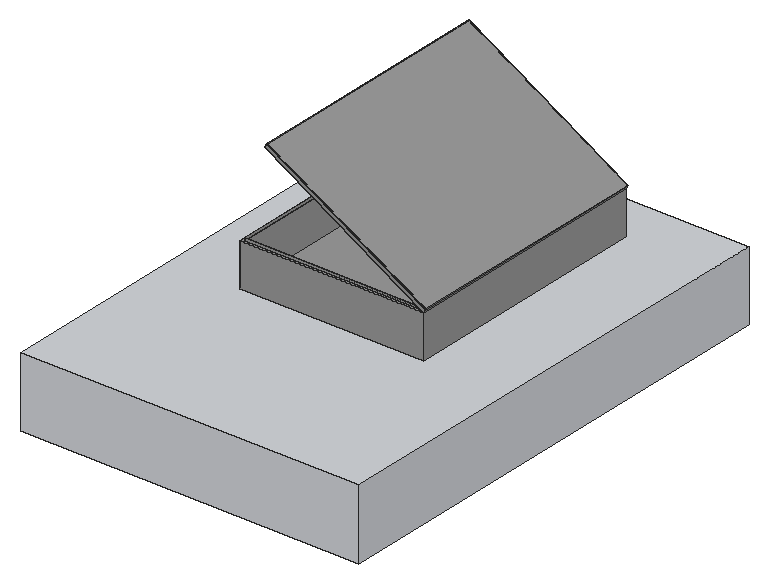
Revit family "Hager-Univers-IP44-D205-H1100-Cl.II-Encl-BE-fr", category Equipement électrique, Revit 2020
Family settings
  Hôte = Face
  Configuration du panneau = Deux colonnes, circuits au sein
  Cote de connecteur circulaire = Utiliser le diamètre
  Type d'élément = Tableau de raccordement
  Couper avec des vides une fois chargée = Non
  Partagée = Non
  Point de calcul de pièce = Non
Parameters (values of type "saillie IP44 L800 H1100 P205  - FP73QS")
  Width Control [instance] = if([EF000008 - largeur] > Min Width, [EF000008 - largeur], Min Width)  # 800 mm
  Commentaires du type = [HG000003 - Gamme]  # "Univers"
  Thickness Door [instance] = if([EF009171 - épaisseur de matériau de la porte/du couvercle] > 3 mm, 3 mm, [EF009171 - épaisseur de matériau de la porte/du couvercle])  # 1 mm
  Seal Frame Offset [instance] = 17 mm  # constant formula
  Plinth Visibility [instance] = [HG000027 - Hauteur du socle] > 0 mm  # no
  Model = ""
  Min Width [instance] = 100 mm  # constant formula
  Min Height [instance] = 100 mm  # constant formula
  Min Depth [instance] = (2 * [EF009170 - épaisseur de matériau du boîtier]) + 1 mm  # 3 mm
  Internal Frame Depth [instance] = (Door System Depth * 0.5)  # 9 mm
  Height Control [instance] = if([EF000040 - hauteur] > Min Height, [EF000040 - hauteur], Min Height)  # 1100 mm
  HG000027 - Hauteur du socle = 0 mm
  HG000026 - Installation au sol = no
  HG000024 - Hauteur de la section basse = 800 mm
  HG000023 - Armoire double section = no
  HG000016 - Visibilité de la porte 3D [instance] = yes
  HG000015 - Visibilité de l'emprise de la porte [instance] = no
  HG000014 - Porte à droite [instance] = yes
  HG000013 - Porte à gauche [instance] = not([HG000014 - Porte à droite])  # no
  HG000012 - Angle de pivotement de la porte [instance] = 30.00°
  HG000010 - Portes asymétriques = no
  HG000009 - Porte à double battant = no
  HG000006 - Encastré = no
  HG000004 - Référence fabricant = "FP73QS"
  HG000003 - Gamme = "Univers"
  HG000002 - avec porte = yes
  Frame Offset Bottom [instance] = 10 mm  # constant formula
  Frame Offset [instance] = 15 mm  # constant formula
  EF015940 - couvercle avec décharge de pression = no
  EF011959 - degré de protection (NEMA) = ""
  EF009554 - nombre d'ouvertures pour plaques à bride = 6
  Fabricant = "Hager"  # constant formula
  EF009212 - finition du couvercle = "EV000116 - fermé"
  EF009171 - épaisseur de matériau de la porte/du couvercle = 1 mm
  EF009170 - épaisseur de matériau du boîtier = 1 mm
  EF008873 - courant nominal (In) = 250 A
  EF007800 - adapté à un parafoudre = no
  EF006306 - avec serrure = no
  EF006244 - couvercle/porte transparent(e) = no
  EF005474 - indice de protection (IP) = "EV006418 - IP44"
  EF004464 - type de porte = "EV002646 - unique"
  EF004427 - nombre de modules = 252
  EF004293 - indice de protection contre les chocs (IK) = "EV006815 - IK09"
  EF003532 - convient pour utilisation à l’extérieur = no
  EF002950 - largeur en nombre de modules = 36
  EF001613 - maintien de fonction = "EV000494 - sans"
  EF001596 - matériau du boîtier/corps = "EV000179 - acier"
  EF001131 - profondeur intérieure = 143 mm
  EF001088 - possibilité de montage en saillie = yes
  EF000437 - nombre d'entrées de conduit = 6
  EF000339 - type de capot = "EV001012 - couvercle"
  EF000266 - nombre de rangées = 7
  EF000218 - profondeur d'encastrement = 0 mm
  EF000118 - avec cadre/support de montage = no
  EF000116 - numéro RAL = "9010"
  EF000049 - profondeur = 205 mm
  EF000040 - hauteur = 1100 mm
  EF000008 - largeur = 800 mm
  EF000007 - couleur = "EV000202 - blanc"
  EF000003 - mode de pose = "EV000384 - saillie"
  Door System Leaf Tolerance [instance] = 1.5 mm  # constant formula
  Door System Depth [instance] = 18 mm  # constant formula
  Door Height [instance] = Height Control - [HG000027 - Hauteur du socle]  # 1100 mm
  Depth Control [instance] = if([EF000049 - profondeur] > Min Depth, [EF000049 - profondeur], Min Depth)  # 205 mm
  Default Elevation = 0 mm
  Connector Offset [instance] = Height Control / 2  # 550 mm
  Bottom Top Plate Trim [instance] = 1.5 mm  # constant formula
  Plinth height Ctrl [instance] = if([HG000027 - Hauteur du socle] > 0 mm, [HG000027 - Hauteur du socle], 12 mm)  # 12 mm
Types (5, lengths in mm): name | Width Control | HG000009 - Porte à double battant | HG000004 - Référence fabricant | EF009554 - nombre d'ouvertures pour plaques à bride | EF004464 - type de porte | EF004427 - nombre de modules | EF002950 - largeur en nombre de modules | EF000437 - nombre d'entrées de conduit | EF000008 - largeur
  saillie IP44 L1050 H1100 P205  - FP74QS | 1050 | yes | "FP74QS" | 8 | "EV003602 - double" | 336 | 48 | 8 | 1050
  saillie IP44 L1300 H1100 P205  - FP75QS | 1300 | yes | "FP75QS" | 10 | "EV003602 - double" | 420 | 60 | 10 | 1300
  saillie IP44 L300 H1100 P205  - FP71QS | 300 | no | "FP71QS" | 2 | "EV002646 - unique" | 84 | 12 | 2 | 300
  saillie IP44 L550 H1100 P205  - FP72QS | 550 | no | "FP72QS" | 4 | "EV002646 - unique" | 168 | 24 | 4 | 550
  saillie IP44 L800 H1100 P205  - FP73QS | 800 | no | "FP73QS" | 6 | "EV002646 - unique" | 252 | 36 | 6 | 800
Reference planes
  plane 1 "Center (Front/Back)": y = 0
  plane 2: z = 0
  plane 3 "Center (Left/Right)": x = 0
  plane 4: z = 205
  plane 5: y = 1
  plane 6: y = 550
  plane 7: y = 0
  plane 8: y = 1100
  plane 9: z = 0
  plane 10: x = -385
  plane 11: x = 385
  plane 12: x = 384
  plane 13: x = -384
  plane 14: y = 1099
  plane 15: x = -383
  plane 16: x = -400
  plane 17: x = 383
  plane 18: x = 400
  plane 19: x = 399
  plane 20: x = -399
  plane 21: y = 11
  plane 22: y = 1100
  plane 23: y = 1084
  plane 24: z = 187
  plane 25: z = 1
  plane 26: z = 186
  plane 27: z = 204
Forms (mm)
  Extrusion 1, solid
    sketch origin (0, 0, 0) x (1, 0, 0) y (0, 1, 0)
      loop
        line (-702.964, 1305) -> (-702.964, -811.445) -> (766.763, -811.445) -> (766.763, 1305) -> (-702.964, 1305)
    from 0 to -304.8
  Extrusion 2, solid, material "Hager_Steel_RAL7035_Light_Grey", visible <- "Plinth Visibility", detail levels medium+fine
    sketch origin (0, 0, 0) x (1, 0, 0) y (0, 1, 0)
      loop
        line (-400, 0) -> (400, 0) -> (400, 12) -> (-400, 12) -> (-400, 0)
    from 0 to 187
  Extrusion 3, solid, material "Hager_Steel_RAL7035_Light_Grey", detail levels medium+fine
    sketch origin (0, 0, 0) x (1, 0, 0) y (0, 1, 0)
      loop
        line (-400, 0) -> (400, 0) -> (400, 1100) -> (-400, 1100) -> (-400, 0)
    from 0 to 187
  Extrusion 4, void
    sketch origin (0, 0, 0) x (1, 0, 0) y (0, 1, 0)
      loop
        line (-399, 1) -> (399, 1) -> (399, 1099) -> (-399, 1099) -> (-399, 1)
    from 1 to 186
  Extrusion 5, void
    sketch origin (-381.607, -4572, 187) x (0, -1, 0) y (-1, 0, 0)
      loop
        line (-4583, 2.393) -> (-5656, 2.393) -> (-5656, -765.607) -> (-4583, -765.607) -> (-4583, 2.393)
    from 0 to 1 <- "EF009170 - épaisseur de matériau du boîtier"
  Extrusion 6, solid, material "Hager_Steel_RAL7035_Light_Grey", detail levels fine
    sketch origin (0, 0, 187) x (1, 0, 0) y (0, 1, 0)
      loop
        line (-384, 1084) -> (-384, 11) -> (384, 11) -> (384, 1084) -> (-384, 1084)
      loop
        line (-385, 10) -> (385, 10) -> (385, 1085) -> (-385, 1085) -> (-385, 10)
    from 0 to 9 <- "Internal Frame Depth"
  Extrusion 7, solid, material "Hager_Steel_RAL7035_Light_Grey", detail levels coarse
    sketch origin (0, 0, 0) x (1, 0, 0) y (0, 1, 0)
      loop
        line (-400, 0) -> (400, 0) -> (400, 1100) -> (-400, 1100) -> (-400, 0)
    from 0 to 205
  Sweep 8, void
    path in 3D
      loop
        line (-400, 12, 0) -> (400, 12, 0) -> (400, 12, 187) -> (-400, 12, 187) -> (-400, 12, 0)
    profile origin (-400, 12, 93.5) x (-1, 0, 0) y (0, -1, 0)
      loop
        line (0, 0) -> (0, 1.5) -> (-1.5, 1.5)
        arc (-1.5, 1.5) -> (-1.061, 0.439) -> (0, 0) r 1.5
Cuts and joins
  Extrusion 4, Extrusion 5 cuts Extrusion 3
  Sweep 8 cuts Extrusion 2
Lines and regions (mm)
  Masking region 1
    outline origin (0, 0, 0) x (1, 0, 0) y (0, 0, 1)
      loop
        line (-400, 205) -> (-400, 0) -> (400, 0) -> (400, 205) -> (-400, 205)
  Masking region 2, detail levels medium+fine
    outline origin (0, 140, 0) x (0, 1, 0) y (0, 0, 1)
      loop
        line (-140, 0) -> (960, 0) -> (960, 187) -> (-140, 187) -> (-140, 0)
  Masking region 3, not visible, detail levels medium+fine
    outline origin (0, 297.922, 0) x (0, 1, 0) y (0, 0, 1)
      loop
        line (263.578, 0) -> (303.578, 0) -> (303.578, 194)
        arc (303.578, 194) -> (300.649, 201.071) -> (293.578, 204) r 10
        line (293.578, 204) -> (263.578, 204) -> (263.578, 0)
  Masking region 4, detail levels coarse
    outline origin (0, 0, 180) x (0, 1, 0) y (0, 0, 1)
      loop
        line (0, -180) -> (1100, -180) -> (1100, 25) -> (0, 25) -> (0, -180)
  Masking region 5, visible <- "Plinth Visibility", detail levels medium+fine
    outline origin (0, 52.24, 12.345) x (0, 0, -1) y (0, 1, 0)
      loop
        line (10.845, -40.24) -> (-173.155, -40.24)
        arc (-173.155, -40.24) -> (-173.594, -41.301) -> (-174.655, -41.74) r 1.5
        line (-174.655, -41.74) -> (-174.655, -52.24) -> (12.345, -52.24) -> (12.345, -41.74)
        arc (12.345, -41.74) -> (11.285, -41.301) -> (10.845, -40.24) r 1.5
  Masking region 6, detail levels medium+fine
    outline origin (-381.607, -4572, 187) x (-1, 0, 0) y (0, -1, 0)
      loop
        line (18.393, -5672) -> (18.393, -4572) -> (-781.607, -4572) -> (-781.607, -5672) -> (18.393, -5672)
  Masking region 7, visible <- "Plinth Visibility", detail levels medium+fine
    outline origin (-381.607, -4727, 187) x (-1, 0, 0) y (0, -1, 0)
      loop
        arc (16.893, -4739) -> (17.332, -4737.939) -> (18.393, -4737.5) r 1.5
        line (18.393, -4737.5) -> (18.393, -4727) -> (-781.607, -4727) -> (-781.607, -4737.5)
        arc (-781.607, -4737.5) -> (-780.546, -4737.939) -> (-780.107, -4739) r 1.5
        line (-780.107, -4739) -> (16.893, -4739)
  Masking region 8, detail levels coarse
    outline origin (-442.548, -4669.526, 187) x (-1, 0, 0) y (0, -1, 0)
      loop
        line (-42.548, -5769.526) -> (-42.548, -4669.526) -> (-842.548, -4669.526) -> (-842.548, -5769.526) -> (-42.548, -5769.526)
  sketch lines
    curve 1: line (-400, 12, 187) -> (-400, 12, 0)
    curve 2: line (400, 12, 187) -> (-400, 12, 187)
    curve 3: line (400, 12, 187) -> (400, 12, 0)
    curve 4: line (-400, 12, 0) -> (400, 12, 0)
Dimensions and locks
  "Depth Control": plane 4 to Extrusion 1
  "HG000027 - Hauteur du socle": plane 1 "Center (Front/Back)" to plane 7
  "EF009170 - épaisseur de matériau du boîtier": plane 5 to plane 7
  locked: connector elem to plane 3 "Center (Left/Right)"
  equal spacing: plane 8, plane 6, plane 7
  locked: connector elem to plane 6
  "EF009170 - épaisseur de matériau du boîtier": plane 8 to plane 14
  "EF009170 - épaisseur de matériau du boîtier": plane 10 to plane 13
  "EF009170 - épaisseur de matériau du boîtier": plane 12 to plane 11
  "Frame Offset": plane 20 to plane 13
  "Frame Offset": plane 12 to plane 19
  "EF009170 - épaisseur de matériau du boîtier": plane 16 to plane 20
  "EF009170 - épaisseur de matériau du boîtier": plane 19 to plane 18
  "Seal Frame Offset": plane 16 to plane 15
  "Seal Frame Offset": plane 17 to plane 18
  "Frame Offset Bottom": plane 21 to plane 5
  "Frame Offset": plane 14 to plane 23
  equal spacing: plane 16, plane 3 "Center (Left/Right)", plane 18
  "Width Control": plane 16 to plane 18
  "EF009170 - épaisseur de matériau du boîtier": plane 4 to plane 27
  "EF009170 - épaisseur de matériau du boîtier": plane 24 to plane 26
  "EF009170 - épaisseur de matériau du boîtier": plane 25 to level
  "Door System Depth": plane 4 to plane 24
  "Height Control": plane 1 "Center (Front/Back)" to Extrusion 7 sketch curve
  "Height Control": Masking region 4 sketch curve to plane 1 "Center (Front/Back)"
  "Height Control": plane 1 "Center (Front/Back)" to plane 22
  "Bottom Top Plate Trim": profile plane to Sweep 8 sketch curve
  "Bottom Top Plate Trim": Sweep 8 sketch curve to profile plane
  "Plinth height Ctrl": plane 1 "Center (Front/Back)" to Extrusion 2 sketch curve
  "Plinth height Ctrl": Masking region 5 sketch curve to plane 1 "Center (Front/Back)"
  "Plinth height Ctrl": plane 1 "Center (Front/Back)" to Masking region 7 sketch curve
  "Thickness Door": Extrusion 6 sketch curve to Extrusion 6 sketch curve  (x3)
  "Thickness Door": cut or joined group of Extrusion 3, Extrusion 4, Extrusion 5 to Extrusion 6 sketch curve
  radius of Masking region 3 sketch curve = 10 mm
  "Bottom Top Plate Trim": radius of Masking region 5 sketch curve  (x2)
  "Bottom Top Plate Trim": radius of Sweep 8 sketch curve
  "Bottom Top Plate Trim": radius of Masking region 7 sketch curve  (x2)
  aligned and locked: plane 2 to Extrusion 1
  aligned and locked: level to Extrusion 1
  aligned and locked: level to Masking region 1 sketch curve
  aligned and locked: Masking region 1 sketch curve to plane 18
  aligned and locked: Masking region 1 sketch curve to plane 16
  aligned and locked: plane 7 to Masking region 2 sketch curve
  aligned and locked: level to Masking region 3 sketch curve
  aligned and locked: Masking region 3 sketch curve to plane 27
  aligned and locked: level to Masking region 2 sketch curve
  aligned and locked: plane 1 "Center (Front/Back)" to Extrusion 2 sketch curve
  aligned and locked: Extrusion 3 sketch curve to plane 7
  aligned and locked: plane 16 to Extrusion 3 sketch curve
  aligned and locked: plane 18 to Extrusion 3 sketch curve
  aligned and locked: plane 20 to Extrusion 4 sketch curve
  aligned and locked: plane 19 to Extrusion 4 sketch curve
  aligned and locked: Extrusion 4 sketch curve to plane 5
  aligned and locked: Extrusion 4 to plane 25
  aligned and locked: plane 26 to Extrusion 4
  aligned and locked: plane 24 to Extrusion 3
  aligned and locked: Extrusion 5 sketch curve to plane 21
  aligned and locked: Extrusion 5 sketch curve to plane 13
  aligned and locked: Extrusion 5 sketch curve to plane 12
  aligned and locked: plane 18 to Extrusion 7 sketch curve
  aligned and locked: plane 1 "Center (Front/Back)" to Extrusion 7 sketch curve
  aligned and locked: plane 16 to Extrusion 7 sketch curve
  aligned and locked: plane 4 to Extrusion 7
  aligned and locked: Extrusion 7 to level
  aligned and locked: level to Masking region 4 sketch curve
  aligned and locked: Masking region 4 sketch curve to plane 1 "Center (Front/Back)"
  aligned and locked: Masking region 4 sketch curve to plane 4
  aligned and locked: nested 1 to level
  aligned and locked: nested 1 to plane 16
  aligned and locked: plane 8 to Extrusion 3 sketch curve
  aligned and locked: plane 23 to Extrusion 5 sketch curve
  aligned and locked: plane 14 to Extrusion 4 sketch curve
  aligned and locked: Masking region 2 sketch curve to plane 8
  aligned and locked: level to Masking region 5 sketch curve
  aligned and locked: plane 16 to Extrusion 2 sketch curve
  aligned and locked: plane 18 to Extrusion 2 sketch curve
  aligned and locked: Masking region 5 sketch curve to plane 24
  aligned and locked: Masking region 2 sketch curve to plane 24
  aligned and locked: plane 24 to Extrusion 2
  aligned and locked: profile plane to Sweep 8 sketch curve  (x2)
  aligned and locked: Masking region 6 sketch curve to plane 18
  aligned and locked: Masking region 6 sketch curve to plane 22
  aligned and locked: Masking region 6 sketch curve to plane 16
  aligned and locked: plane 8 to plane 22
  aligned and locked: Masking region 6 sketch curve to plane 7
  aligned and locked: Masking region 7 sketch curve to plane 16
  aligned and locked: Masking region 7 sketch curve to plane 1 "Center (Front/Back)"
  aligned and locked: Masking region 7 sketch curve to plane 18
  aligned and locked: Masking region 8 sketch curve to plane 1 "Center (Front/Back)"
  aligned and locked: Masking region 8 sketch curve to plane 18
  aligned and locked: Masking region 8 sketch curve to plane 22
  aligned and locked: Masking region 8 sketch curve to plane 16
  aligned and locked: nested 2 to plane 7
  aligned and locked: plane 3 "Center (Left/Right)" to nested 2
  aligned and locked: nested 2 to plane 24
  aligned and locked: Extrusion 6 sketch curve to cut or joined group of Extrusion 3, Extrusion 4, Extrusion 5  (x4)
Automatic sketch dimensions
  Extrusion 1 sketch curve to Extrusion 1 sketch curve = 1469.727 mm
  Extrusion 1 sketch curve to Extrusion 1 sketch curve = 2116.445 mm
  Masking region 1 sketch curve to plane 4 = 0 mm
  plane 6 to Masking region 3 sketch curve = 11.5 mm
  Masking region 3 sketch curve to Masking region 3 sketch curve = 30 mm
  Masking region 5 sketch curve to plane 1 "Center (Front/Back)" = 0 mm
Nested families
  nested 1: "Hager_Enclosure_Symbol" at (-400, 0, 0) x (1, 0, 0) z (0, -1, 0), Height <- "Depth Control", Width <- "Width Control", type "Hager_Enclosure_Symbol"
    with Width_Ctrl 800 mm, Width 800 mm, Height_Ctrl 205 mm, Height 205 mm, A_Width_Int 13.453 mm, A_Width 161.438 mm, A_Height_Ctrl 179.375 mm, A_Height 179.375 mm
  nested 2: "EC000058_Univers_Door" at (0, 0, 187) x (1, 0, 0) z (0, 1, 0), Leaf_Tolerance <- "Door System Leaf Tolerance", Angle <- "HG000012 - Angle de pivotement de la porte", Door_Depth <- "Door System Depth", Door_Left <- "HG000013 - Porte à gauche", Transparent <- "EF006244 - couvercle/porte transparent(e)", Assymetrical <- "HG000010 - Portes asymétriques", Width <- "Width Control", Clearance <- "HG000015 - Visibilité de l'emprise de la porte", Double <- "HG000009 - Porte à double battant", 3d_Door <- "HG000016 - Visibilité de la porte 3D", Lock_Visibility <- "EF006306 - avec serrure", Width_Ctrl <- "Width Control", Door_Right <- "HG000014 - Porte à droite", Door <- "HG000002 - avec porte", Height <- "Door Height", Thickness <- "Thickness Door", type "EC000058_Univers_Door", detail levels medium+fine
    with min_wh 3 mm, Width_Ctrl 800 mm, Width 800 mm, Transparent no, Thickness 1 mm, Seal_Material Hager_Rubber, Lock_Visibility no, Lock_Material Hager_Plastic_RAL9005_Jet_Black, Leaf_Width 800 mm, Leaf_Tolerance_External_Sides 0 mm, Leaf_Tolerance 1.5 mm, Leaf_Offset 0 mm, Leaf_Height 1097 mm, Leaf_2_Width 800 mm, Leaf_2_Offset 400 mm, Leaf_1_Width 800 mm, Leaf_1_Offset 400 mm, Height_Ctrl 1100 mm, Height 1100 mm, Glass_Material Hager_Glass, Double_Clearance_Ctrl no, Double no, Door_Right_Ctrl yes, Door_Right yes, Door_Material Hager_Steel_RAL7035_Light_Grey, Door_Left_Ctrl no, Door_Left no, Door_Depth 18 mm, Door yes, Clearance_Material Hager_Clearance, Clearance_Depth 800 mm, Clearance_Ctrl no, Clearance no, Assymetrical no, Angle 30.00°, 3d_Door yes
Connectors
  electrical at (0, 550, 0)
    settings: on plane 9, index 1, voltage 0 V, apparent load 0 VA, apparent load phase1 0 VA, apparent load phase2 0 VA, apparent load phase3 0 VA, power factor 1, load classification "Other", number of poles 1, system type 30, power factor state 1, is connector primary yes, connector utility no, sub classification motor no, connector description ""
Definition of nested family "EC000058_Univers_Door"
  Parameters (values of type "EC000058_Univers_Door")
    min_wh [instance] = (2 * Thickness) + 1 mm  # 11 mm
    Width_Ctrl [instance] = 400 mm
    Width [instance] = 500 mm
    Transparent [instance] = yes
    Thickness [instance] = 5 mm
    Seal_Material [instance] = none
    Lock_Visibility [instance] = yes
    Lock_Material [instance] = none
    Leaf_Width [instance] = if((Width_Ctrl - 2 * Leaf_Tolerance_External_Sides) > 0 mm, (Width_Ctrl - 2 * Leaf_Tolerance_External_Sides), min_wh)  # 400 mm
    Leaf_Tolerance_External_Sides [instance] = 0 mm  # constant formula
    Leaf_Tolerance [instance] = 1.5 mm
    Leaf_Offset [instance] = 0 mm  # constant formula
    Leaf_Height [instance] = if((Height_Ctrl - 2 * Leaf_Tolerance) > 0 mm, (Height_Ctrl - 2 * Leaf_Tolerance), min_wh)  # 497 mm
    Leaf_2_Width [instance] = if(and(and(Double, Assymetrical), Door_Left), (Leaf_Width / 3) - (Leaf_Tolerance / 2), if(and(and(Double, Assymetrical), Door_Right), (Leaf_Width / 3) * 2 - (Leaf_Tolerance / 2), if(and(Double, not(Assymetrical)), (Leaf_Width / 2) - Leaf_Tolerance, Leaf_Width)))  # 400 mm
    Leaf_2_Offset [instance] = if(and(Double, Assymetrical), Leaf_2_Width / 2, if(and(Double, not(Assymetrical)), Leaf_Width / 4, Leaf_Width / 2))  # 200 mm
    Leaf_1_Width [instance] = if(and(and(Double, Assymetrical), Door_Right), (Leaf_Width / 3) - (Leaf_Tolerance / 2), if(and(and(Double, Assymetrical), Door_Left), (Width / 3) * 2 - (Leaf_Tolerance / 2), if(and(Double, not(Assymetrical)), (Leaf_Width / 2) - Leaf_Tolerance, Leaf_Width)))  # 400 mm
    Leaf_1_Offset [instance] = if(and(Double, Assymetrical), Leaf_1_Width / 2, if(and(Double, not(Assymetrical)), Leaf_Width / 4, Leaf_Width / 2))  # 200 mm
    Height_Ctrl [instance] = if(Height > min_wh, Height, min_wh)  # 500 mm
    Height [instance] = 500 mm
    Glass_Material [instance] = none
    Double_Clearance_Ctrl [instance] = and(Double, Clearance)  # no
    Double [instance] = no
    Door_Right_Ctrl [instance] = and(or(Door_Right, Double), Door)  # yes
    Door_Right [instance] = yes
    Door_Material [instance] = none
    Door_Left_Ctrl [instance] = and(or(Door_Left, Double), Door)  # no
    Door_Left [instance] = no
    Door_Depth [instance] = 30 mm
    Door [instance] = yes
    Default Elevation = 1219.2 mm
    Clearance_Material [instance] = none
    Clearance_Depth [instance] = if(Leaf_1_Width > Leaf_2_Width, Leaf_1_Width, Leaf_2_Width)  # 400 mm
    Clearance_Ctrl [instance] = and(not(Double), Clearance)  # yes
    Clearance [instance] = yes
    Assymetrical [instance] = yes
    Angle [instance] = 30.00°
    3d_Door [instance] = yes
  Reference planes
    plane 1 "Center (Front/Back)": y = 0
    plane 2 "Bottom": z = 0
    plane 3 "Center (Left/Right)": x = 0
    plane 4: z = 500
    plane 5: x = -200
    plane 6: x = 200
    plane 7: z = 500
    plane 8: x = -200
    plane 9: z = 0
    plane 10: x = 200
    plane 11: y = 0
    plane 12: z = 1.5
    plane 13: x = -600
    plane 14: y = -400
    plane 15: x = 600
    plane 16: x = 0
    plane 17: x = 0
    plane 18: x = -200
    plane 19: x = 200
    plane 20: z = 498.5
  Forms (mm)
    Extrusion 1, solid, material <- "Clearance_Material", visible <- "Double_Clearance_Ctrl"
      sketch origin (1200, 0, 0) x (1, 0, 0) y (0, 0, -1)
        loop
          line (-1800, -498.5) -> (-600, -498.5) -> (-600, 0) -> (-1800, 0) -> (-1800, -498.5)
      from 0 to -400
  Dimensions and locks
    equal spacing: plane 5, plane 3 "Center (Left/Right)", plane 6
    "Width_Ctrl": plane 5 to plane 6
    "Leaf_Offset": plane 5 to plane 8
    "Leaf_Offset": plane 6 to plane 10
    "Leaf_Offset": plane 9 to level
    "Leaf_Offset": plane 4 to plane 7
    "Height_Ctrl": plane 4 to level
    "Leaf_Tolerance": plane 12 to plane 9
    locked: plane 11 to plane 1 "Center (Front/Back)"
    "Leaf_1_Offset": plane 18 to plane 16
    "Leaf_2_Offset": plane 17 to plane 19
    "Leaf_1_Width": plane 13 to plane 8
    "Leaf_2_Width": plane 10 to plane 15
    "Clearance_Depth": plane 14 to plane 1 "Center (Front/Back)"
    "Leaf_Tolerance_External_Sides": plane 8 to plane 18
    "Leaf_Tolerance_External_Sides": plane 19 to plane 10
    "Leaf_Tolerance": plane 7 to plane 20
    aligned and locked: level to plane 2 "Bottom"
    aligned and locked: nested 1 to plane 16
    aligned and locked: nested 2 to plane 17
    aligned and locked: Extrusion 1 to plane 13
    aligned and locked: plane 15 to Extrusion 1
    aligned and locked: Extrusion 1 to plane 14
    aligned and locked: plane 12 to nested 1
    aligned and locked: nested 2 to plane 12
    aligned and locked: Extrusion 1 to plane 11
    aligned and locked: plane 20 to Extrusion 1
    aligned and locked: nested 2 to plane 11
    aligned and locked: nested 1 to plane 11
  Automatic sketch dimensions
    Extrusion 1 sketch curve to level = 0 mm
    plane 5 to Extrusion 1 sketch curve = 400 mm
    plane 6 to Extrusion 1 sketch curve = 400 mm
    Extrusion 1 sketch curve to plane 4 = 1.5 mm
  Nested families
    nested 1: "EC000058_Univers_Door_Leaf" at (0, 0, 1.5), Width <- "Leaf_1_Width", visible <- "Door_Left_Ctrl", Leaf_Height <- "Leaf_Height", Angle <- "Angle", 3d_Door <- "3d_Door", Transparent <- "Transparent", Clearance Material <- "Clearance_Material", Clearance <- "Clearance_Ctrl", Door_Material <- "Door_Material", Glass_Material <- "Glass_Material", Door_Depth <- "Door_Depth", Lock_Material <- "Lock_Material", Seal_Material <- "Seal_Material", Lock_Visibility <- "Lock_Visibility", Thickness <- "Thickness", type "EC000058_Univers_Door_Leaf"
      with Width 400 mm, Transparent_Glass_Offset 30 mm, Transparent_Ctrl yes, Transparent yes, Thickness 5 mm, Standard no, Seal_Material none, Seal_D2 8 mm, Seal_D1 1 mm, Offset_Internal_Frame 10 mm, Lock_Width 20 mm, Lock_Visibility_3d yes, Lock_Visibility yes, Lock_Thickness_3 3 mm, Lock_Thickness_2 1 mm, Lock_Thickness_1 3 mm, Lock_Radius_Offset_2 16 mm, Lock_Radius_Offset_1 15 mm, Lock_Radius_2 5 mm, Lock_Radius 6 mm, Lock_Offset 5 mm, Lock_Material none, Lock_Height 80 mm, Lock_Cover_Top_Offset_2d 17 mm, Lock_Cover_Height -65 mm, Leaf_Height 497 mm, Internal_Seal_Thickness 8 mm, Internal_Seal_Depth_2 4.5 mm, Internal_Frame_Depth 25 mm, Glass_Thickness -1 mm, Glass_Offset -2 mm, Glass_Material none, Door_Material none, Door_Depth 30 mm, Clearance Material none, Clearance yes, Angle_Ctrl 30.00°, Angle 30.00°, 3d_Door yes
    nested 2: "EC000058_Univers_Door_Leaf" at (0, 0, 1.5) x (-1, 0, 0) z (0, 0, 1), Width <- "Leaf_2_Width", visible <- "Door_Right_Ctrl", Leaf_Height <- "Leaf_Height", Angle <- "Angle", 3d_Door <- "3d_Door", Transparent <- "Transparent", Clearance Material <- "Clearance_Material", Clearance <- "Clearance_Ctrl", Door_Material <- "Door_Material", Glass_Material <- "Glass_Material", Door_Depth <- "Door_Depth", Lock_Material <- "Lock_Material", Seal_Material <- "Seal_Material", Lock_Visibility <- "Lock_Visibility", Thickness <- "Thickness", type "EC000058_Univers_Door_Leaf"
      with Width 400 mm, Transparent_Glass_Offset 30 mm, Transparent_Ctrl yes, Transparent yes, Thickness 5 mm, Standard no, Seal_Material none, Seal_D2 8 mm, Seal_D1 1 mm, Offset_Internal_Frame 10 mm, Lock_Width 20 mm, Lock_Visibility_3d yes, Lock_Visibility yes, Lock_Thickness_3 3 mm, Lock_Thickness_2 1 mm, Lock_Thickness_1 3 mm, Lock_Radius_Offset_2 16 mm, Lock_Radius_Offset_1 15 mm, Lock_Radius_2 5 mm, Lock_Radius 6 mm, Lock_Offset 5 mm, Lock_Material none, Lock_Height 80 mm, Lock_Cover_Top_Offset_2d 17 mm, Lock_Cover_Height -65 mm, Leaf_Height 497 mm, Internal_Seal_Thickness 8 mm, Internal_Seal_Depth_2 4.5 mm, Internal_Frame_Depth 25 mm, Glass_Thickness -1 mm, Glass_Offset -2 mm, Glass_Material none, Door_Material none, Door_Depth 30 mm, Clearance Material none, Clearance yes, Angle_Ctrl 30.00°, Angle 30.00°, 3d_Door yes
  Definition of nested family "EC000058_Univers_Door_Leaf"
    Parameters (values of type "EC000058_Univers_Door_Leaf")
      Width [instance] = 2000 mm
      Transparent_Glass_Offset [instance] = 30 mm
      Transparent_Ctrl [instance] = and(Transparent, [3d_Door])  # yes
      Transparent [instance] = yes
      Thickness [instance] = 5 mm
      Standard [instance] = and(not(Transparent), [3d_Door])  # no
      Seal_Material [instance] = none
      Seal_D2 [instance] = 8 mm  # constant formula
      Seal_D1 [instance] = 1 mm  # constant formula
      Offset_Internal_Frame [instance] = 10 mm  # constant formula
      Lock_Width [instance] = 20 mm  # constant formula
      Lock_Visibility_3d [instance] = and(Lock_Visibility, [3d_Door])  # yes
      Lock_Visibility [instance] = yes
      Lock_Thickness_3 [instance] = 3 mm  # constant formula
      Lock_Thickness_2 [instance] = 1 mm  # constant formula
      Lock_Thickness_1 [instance] = 3 mm  # constant formula
      Lock_Radius_Offset_2 [instance] = Lock_Radius_Offset_1 + 1 mm  # 16 mm
      Lock_Radius_Offset_1 [instance] = 15 mm  # constant formula
      Lock_Radius_2 [instance] = Lock_Radius - 1 mm  # 5 mm
      Lock_Radius [instance] = 6 mm  # constant formula
      Lock_Offset [instance] = 5 mm  # constant formula
      Lock_Material [instance] = none
      Lock_Height [instance] = 80 mm  # constant formula
      Lock_Cover_Top_Offset_2d [instance] = Lock_Radius_Offset_2 + 1 mm  # 17 mm
      Lock_Cover_Height [instance] = -(Lock_Height - Lock_Radius_Offset_1)  # -65 mm
      Leaf_Height [instance] = 2720.336 mm
      Internal_Seal_Thickness [instance] = 8 mm  # constant formula
      Internal_Seal_Depth_2 [instance] = 4.5 mm  # constant formula
      Internal_Frame_Depth [instance] = if(Door_Depth - Thickness > 5 mm, Door_Depth - Thickness, 5 mm)  # 25 mm
      Glass_Thickness [instance] = if(Thickness > 15 mm, Glass_Offset + 10 mm, -1 mm)  # -1 mm
      Glass_Offset [instance] = if(Thickness > 15 mm, -(Thickness + 10 mm) / 2, -2 mm)  # -2 mm
      Glass_Material [instance] = none
      Door_Material [instance] = none
      Door_Depth [instance] = 30 mm
      Default Elevation = 0 mm
      Clearance Material [instance] = none
      Clearance [instance] = yes
      Angle_Ctrl [instance] = if(Angle > 180.00°, 180.00°, Angle)  # 90.00°
      Angle [instance] = 90.00°
      3d_Door [instance] = yes
    Reference planes
      plane 1 "Center (Front/Back)": y = 0
      plane 2: z = 0
      plane 3 "Center (Left/Right)": x = 0
      plane 4: y = 2000
      plane 5: x = -1000
      plane 6: x = 1000
      plane 7: x = -3000
      plane 8: z = 2720.336
      plane 9: z = 30
      plane 10: z = 2690.336
      plane 11: x = 970
      plane 12: x = -970
      plane 13: y = -3
      plane 14: z = 107.833
      plane 15: y = -5
      plane 16: y = -223.314
      plane 17: x = -1000
      plane 18: z = 1360.168
      plane 19: y = 30
    Forms (mm)
      Extrusion 1, solid, material <- "Clearance Material", visible <- "Clearance"
        sketch origin (0, 0, 0) x (1, 0, 0) y (0, 0, 1)
          loop
            line (-3000, 2720.336) -> (-3000, 0) -> (1000, 0) -> (1000, 2720.336) -> (-3000, 2720.336)
        from 0 to -2000
      Extrusion 2, solid, material <- "Door_Material", visible <- "Standard", detail levels medium+fine
        sketch origin (-1000, 0, 0) x (0, 1, 0) y (-1, 0, 0)
          loop
            line (0, 30) -> (0, 25) -> (2000, 25) -> (2000, 30) -> (0, 30)
        from 0 to 2720.336 <- "Leaf_Height"
      Extrusion 3, solid, material <- "Door_Material", visible <- "Transparent_Ctrl", detail levels medium+fine
        sketch origin (-1000, 0, 0) x (0, 1, 0) y (-1, 0, 0)
          loop
            line (0, 25) -> (2000, 25) -> (2000, 30) -> (0, 30) -> (0, 25)
        from 0 to 2720.336 <- "Leaf_Height"
      Extrusion 4, void
        sketch origin (-1025, 2000, 0) x (0, 1, 0) y (0, 0, -1)
          loop
            line (-30, -2690.336) -> (-30, -30) -> (-1970, -30) -> (-1970, -2690.336) -> (-30, -2690.336)
        from 0 to 5 <- "Thickness"
      Sweep 5, solid, material <- "Seal_Material", visible <- "Transparent_Ctrl", detail levels fine
        path in 3D
          loop
            line (-1025, 30, 30) -> (-1025, 30, 2690.336) -> (-1025, 1970, 2690.336) -> (-1025, 1970, 30) -> (-1025, 30, 30)
        profile origin (-1025, 1000, 30) x (1, 0, 0) y (0, 0, 1)
          loop
            line (0, 0) -> (0, -8) -> (1, -8) -> (1, 0) -> (0, 0)
      Extrusion 6, solid, material <- "Glass_Material", visible <- "Transparent_Ctrl", detail levels medium+fine
        sketch origin (-1030, 0, 0) x (0, 1, 0) y (0, 0, -1)
          loop
            line (1970, -2690.336) -> (1970, -30) -> (30, -30) -> (30, -2690.336) -> (1970, -2690.336)
        from -2 <- "Glass_Offset" to -1 <- "Glass_Thickness"
      Extrusion 7, solid, material <- "Door_Material", visible <- "3d_Door", detail levels medium+fine
        sketch origin (-1025, 2000, 0) x (0, -1, 0) y (0, 0, -1)
          loop
            line (0, -2720.336) -> (2000, -2720.336) -> (2000, 0) -> (0, 0) -> (0, -2720.336)
          loop
            line (1995, -5) -> (5, -5) -> (5, -2715.336) -> (1995, -2715.336) -> (1995, -5)
        from 0 to 25 <- "Internal_Frame_Depth"
      Sweep 8, solid, material <- "Seal_Material", visible <- "Transparent_Ctrl", detail levels fine
        path in 3D
          loop
            line (-1025, 0, 0) -> (-1025, 2000, 0) -> (-1025, 2000, 2720.336) -> (-1025, 0, 2720.336) -> (-1025, 0, 0)
        profile origin (-1025, 0, 1360.168) x (1, 0, 0) y (0, 1, 0)
          loop
            line (0, 10) -> (2.975, 10)
            arc (2.975, 10) -> (4.053, 10.447) -> (4.5, 11.525) r 1.525
            line (4.5, 11.525) -> (4.5, 16.527)
            arc (4.5, 16.527) -> (4.069, 17.569) -> (3.027, 18) r 1.473
            line (3.027, 18) -> (0, 18) -> (0, 10)
      Extrusion 9, solid, material <- "Lock_Material", visible <- "Lock_Visibility_3d", detail levels fine
        sketch origin (-1030, 0, 0) x (0, 1, 0) y (0, 0, -1)
          loop
            arc (1993.5, -1400.168) -> (1994.561, -1399.729) -> (1995, -1398.668) r 1.5
            line (1995, -1398.668) -> (1995, -1320.168) -> (1975, -1320.168) -> (1975, -1398.668)
            arc (1975, -1398.668) -> (1975.439, -1399.729) -> (1976.5, -1400.168) r 1.5
            line (1976.5, -1400.168) -> (1993.5, -1400.168)
        from 3 <- "Lock_Thickness_1" to 0
      Blend 10, solid, material <- "Lock_Material", visible <- "Lock_Visibility_3d", detail levels fine
        base sketch origin (-1033, 0, 0) x (0, 1, 0) y (0, 0, -1)
          loop
            line (1975, -1320.168) -> (1975, -1398.668)
            arc (1975, -1398.668) -> (1975.439, -1399.729) -> (1976.5, -1400.168) r 1.5
            line (1976.5, -1400.168) -> (1993.5, -1400.168)
            arc (1993.5, -1400.168) -> (1994.561, -1399.729) -> (1995, -1398.668) r 1.5
            line (1995, -1398.668) -> (1995, -1320.168) -> (1975, -1320.168)
        top sketch origin (-1033, 0, 0) x (0, 1, 0) y (0, 0, -1)
          loop
            line (1976, -1320.168) -> (1976, -1398.668)
            arc (1976, -1398.668) -> (1976.146, -1399.022) -> (1976.5, -1399.168) r 0.5
            line (1976.5, -1399.168) -> (1993.5, -1399.168)
            arc (1993.5, -1399.168) -> (1993.854, -1399.022) -> (1994, -1398.668) r 0.5
            line (1994, -1398.668) -> (1994, -1320.168) -> (1976, -1320.168)
        from 0 to 1 <- "Lock_Thickness_2"
      Blend 11, solid, material <- "Lock_Material", visible <- "Lock_Visibility_3d", detail levels fine
        base sketch origin (-1034, 0, 0) x (0, 1, 0) y (0, 0, -1)
          loop
            line (1978, -1320.168) -> (1978, -1384.168)
            arc (1978, -1384.168) -> (1985, -1391.168) -> (1992, -1384.168) r 7
            line (1992, -1384.168) -> (1992, -1320.168) -> (1978, -1320.168)
        top sketch origin (-1034, 0, 0) x (0, 1, 0) y (0, 0, -1)
          loop
            line (1991, -1320.168) -> (1979, -1320.168) -> (1979, -1383.168)
            arc (1979, -1383.168) -> (1985, -1389.168) -> (1991, -1383.168) r 6
            line (1991, -1383.168) -> (1991, -1320.168)
        from 0 to 3 <- "Lock_Thickness_3"
      Extrusion 12, solid, material <- "Lock_Material", visible <- "Lock_Visibility_3d", detail levels fine
        sketch origin (-1030, 1975, 1320.168) x (1, 0, 0) y (0, -1, 0)
          loop
            line (-7, -19) -> (-7, -1) -> (0, -1) -> (0, 0) -> (-8, 0) -> (-8, -20) -> (0, -20) -> (0, -19) -> (-7, -19)
        from 0 to -65 <- "Lock_Cover_Height"
      Extrusion 13, void
        sketch origin (-1038, 1995, 1320.168) x (-1, 0, 0) y (0, 0, -1)
          loop
            line (-5, -65) -> (0, -65) -> (-5, -60) -> (-5, -65)
        from 0 to 20 <- "Lock_Width"
      Extrusion 14, void
        sketch origin (-1038, 1975, 1320.168) x (0, -1, 0) y (0, 0, -1)
          loop
            circle (-10, -15.995) r 6
          loop
            circle (-10, -15.995) r 5
        from 0 to 2
      Extrusion 15, solid, material <- "Lock_Material", visible <- "Lock_Visibility_3d", detail levels medium
        sketch origin (-1030, 0, 0) x (0, 1, 0) y (0, 0, -1)
          loop
            arc (1993.5, -1400.168) -> (1994.561, -1399.729) -> (1995, -1398.668) r 1.5
            line (1995, -1398.668) -> (1995, -1320.168) -> (1975, -1320.168) -> (1975, -1398.668)
            arc (1975, -1398.668) -> (1975.439, -1399.729) -> (1976.5, -1400.168) r 1.5
            line (1976.5, -1400.168) -> (1993.5, -1400.168)
        from 8 to 0
    Cuts and joins
      Extrusion 4 cuts Extrusion 3
      Extrusion 13, Extrusion 14 cuts Extrusion 9
      Extrusion 14 cuts Blend 11
      Extrusion 13, Extrusion 14 cuts Extrusion 12
      joined: Extrusion 9, Blend 10, Blend 11, Extrusion 12
      Extrusion 14 cuts Extrusion 15
    Lines and regions (mm)
      Masking region 1, visible <- "Lock_Visibility", detail levels fine
        outline origin (0, 0, 0) x (0, 1, 0) y (0, 0, 1)
          loop
            line (30, 1320.168) -> (33, 1320.168) -> (33, 1400.168) -> (30, 1400.168) -> (30, 1320.168)
      Masking region 2, visible <- "Lock_Visibility", detail levels fine
        outline origin (0, 3.143, 0) x (0, 1, 0) y (0, 0, 1)
          loop
            line (29.857, 1354.168) -> (30.857, 1354.168) -> (30.857, 1366.168) -> (29.857, 1366.168) -> (29.857, 1354.168)
      Masking region 3, detail levels medium+fine
        outline origin (0, 0, 0) x (0, 1, 0) y (0, 0, 1)
          loop
            line (0, 0) -> (30, 0) -> (30, 2720.336) -> (0, 2720.336) -> (0, 0)
      Masking region 4, detail levels medium+fine
        outline origin (0, 0, 0) x (1, 0, 0) y (0, 0, 1)
          loop
            line (-1000, 2720.336) -> (-1000, 0) -> (1000, 0) -> (1000, 2720.336) -> (-1000, 2720.336)
      Masking region 5, visible <- "Lock_Visibility", detail levels fine
        outline origin (-47.116, 0, 0) x (1, 0, 0) y (0, 0, 1)
          loop
            arc (1024.616, 1399.168) -> (1023.556, 1398.729) -> (1023.116, 1397.668) r 1.5
            line (1023.116, 1397.668) -> (1023.116, 1320.168) -> (1041.116, 1320.168) -> (1041.116, 1397.668)
            arc (1041.116, 1397.668) -> (1040.677, 1398.729) -> (1039.616, 1399.168) r 1.5
            line (1039.616, 1399.168) -> (1024.616, 1399.168)
      Masking region 6, visible <- "Lock_Visibility", detail levels medium+fine
        outline origin (-25, 0, 0) x (1, 0, 0) y (0, 0, 1)
          loop
            arc (1001.5, 1400.168) -> (1000.439, 1399.729) -> (1000, 1398.668) r 1.5
            line (1000, 1398.668) -> (1000, 1320.168) -> (1020, 1320.168) -> (1020, 1398.668)
            arc (1020, 1398.668) -> (1019.561, 1399.729) -> (1018.5, 1400.168) r 1.5
            line (1018.5, 1400.168) -> (1001.5, 1400.168)
      Masking region 7, visible <- "Lock_Visibility", detail levels fine
        outline origin (-73.735, 0, 0) x (1, 0, 0) y (0, 0, 1)
          loop
            line (1051.735, 1382.168) -> (1065.735, 1382.168) -> (1065.735, 1384.168)
            arc (1065.735, 1384.168) -> (1058.735, 1391.168) -> (1051.735, 1384.168) r 7
            line (1051.735, 1384.168) -> (1051.735, 1382.168)
      Masking region 8, visible <- "Lock_Visibility", detail levels fine
        outline origin (-73.735, 0, 0) x (1, 0, 0) y (0, 0, 1)
          loop
            line (1052.735, 1382.168) -> (1064.735, 1382.168) -> (1064.735, 1383.168)
            arc (1064.735, 1383.168) -> (1058.735, 1389.168) -> (1052.735, 1383.168) r 6
            line (1052.735, 1383.168) -> (1052.735, 1382.168)
      Masking region 9, visible <- "Lock_Visibility", detail levels fine
        outline origin (-25, 0, 0) x (1, 0, 0) y (0, 0, 1)
          loop
            line (1020, 1320.168) -> (1020, 1382.168) -> (1000, 1382.168) -> (1000, 1320.168) -> (1020, 1320.168)
      Masking region 10, detail levels medium+fine
        outline origin (0, 0, 0) x (1, 0, 0) y (0, 0, 1)
          loop
            circle (985, 1335.144) r 6
      Masking region 11, detail levels fine
        outline origin (0, 0, 0) x (1, 0, 0) y (0, 0, 1)
          loop
            circle (985, 1335.144) r 5
      Masking region 12, visible <- "Lock_Visibility", detail levels fine
        outline origin (0, 12.767, 0) x (0, 1, 0) y (0, 0, 1)
          loop
            line (20.233, 1320.168) -> (21.233, 1320.168) -> (21.233, 1399.168) -> (20.233, 1400.168) -> (20.233, 1320.168)
      Masking region 13, visible <- "Lock_Visibility", detail levels fine
        outline origin (0, 13.767, -10) x (0, 1, 0) y (0, 0, 1)
          loop
            line (20.233, 1330.168) -> (23.233, 1330.168) -> (23.233, 1399.168) -> (20.233, 1402.168) -> (20.233, 1330.168)
      Masking region 14, visible <- "Lock_Visibility", detail levels fine
        outline origin (0, 12.767, -10) x (0, 1, 0) y (0, 0, 1)
          loop
            line (20.233, 1330.168) -> (25.233, 1330.168) -> (25.233, 1399.305) -> (20.233, 1394.305) -> (20.233, 1330.168)
      Masking region 15, visible <- "Lock_Visibility", detail levels medium
        outline origin (0, 0, 0) x (0, 1, 0) y (0, 0, 1)
          loop
            line (30, 1320.168) -> (38, 1320.168) -> (38, 1400.168) -> (30, 1400.168) -> (30, 1320.168)
      Masking region 16, visible <- "Lock_Visibility", detail levels fine
        outline origin (-1000, 0, 0) x (0, 1, 0) y (-1, 0, 0)
          loop
            line (1975, 30) -> (1995, 30) -> (1995, 38) -> (1975, 38) -> (1975, 30)
          loop
            line (1979, 37) -> (1976, 37) -> (1976, 34) -> (1978, 34) -> (1979, 37)
          loop
            line (1994, 37) -> (1991, 37) -> (1992, 34) -> (1994, 34) -> (1994, 37)
      Masking region 17, visible <- "Lock_Visibility", detail levels medium
        outline origin (-1000, 0, 0) x (0, 1, 0) y (-1, 0, 0)
          loop
            line (1975, 30) -> (1995, 30) -> (1995, 38) -> (1975, 38) -> (1975, 30)
      symbolic lines
        curve 1: line (1000, 0, 0) -> (-3000, 0, 0)
        curve 2: arc (1000, 0, 0) -> (-1000, 2000, 0) -> (-3000, 0, 0) r 2000
        curve 4: line (-1030, 0, 0) -> (-1030, 2000, 0)
      reference lines
        curve 3: line (-1000, 0, 0) -> (-1000, 2000, 0)
      symbolic lines, detail levels medium+fine
        curve 5: line (-1030, 2000, 0) -> (-1025, 2000, 0)
        curve 7: line (-1025, 0, 0) -> (-1030, 0, 0)
        curve 8: line (-1025, 0, 0) -> (-1000, 0, 0)
        curve 9: line (-1000, 0, 0) -> (-1000, 2000, 0)
        curve 10: line (-1000, 2000, 0) -> (-1025, 2000, 0)
      symbolic lines, detail levels fine
        curve 6: line (-1025, 2000, 0) -> (-1025, 0, 0)
      sketch lines
        curve 11: line (-1025, 0, 2720.336) -> (-1025, 0, 0)
        curve 12: line (-1025, 2000, 0) -> (-1025, 0, 0)
        curve 13: line (-1025, 2000, 2720.336) -> (-1025, 2000, 0)
        curve 14: line (-1025, 0, 2720.336) -> (-1025, 2000, 2720.336)
        curve 15: line (-1025, 1970, 30) -> (-1025, 30, 30)
        curve 16: line (-1025, 30, 30) -> (-1025, 30, 2690.336)
        curve 17: line (-1025, 1970, 2690.336) -> (-1025, 1970, 30)
        curve 18: line (-1025, 30, 2690.336) -> (-1025, 1970, 2690.336)
      symbolic lines, visible <- "Transparent", detail levels medium+fine
        curve 19: line (-970, 0, 2690.336) -> (970, 0, 2690.336)
        curve 20: line (-970, 0, 30) -> (-970, 0, 2690.336)
        curve 21: line (970, 0, 30) -> (-970, 0, 30)
        curve 22: line (970, 0, 2690.336) -> (970, 0, 30)
    Dimensions and locks
      "Width": plane 1 "Center (Front/Back)" to plane 4
      equal spacing: plane 5, plane 3 "Center (Left/Right)", plane 6
      "Width": plane 5 to plane 6
      "Width": plane 7 to plane 5
      "Leaf_Height": plane 8 to level
      "Width": curve 5 to curve 3
      "Width": curve 3 to curve 3
      plane 8 to plane 10 = 30 mm
      plane 9 to level = 30 mm
      plane 12 to plane 5 = 30 mm
      plane 6 to plane 11 = 30 mm
      Extrusion 1 to Extrusion 4 sketch curve = 30 mm
      "Transparent_Glass_Offset": curve 3 to Extrusion 4 sketch curve
      "Transparent_Glass_Offset": Extrusion 4 sketch curve to cut or joined group of Extrusion 3, Extrusion 4  (x2)
      cut or joined group of Extrusion 3, Extrusion 4 to Extrusion 6 sketch curve = 30 mm
      "Transparent_Glass_Offset": cut or joined group of Extrusion 3, Extrusion 4 to Extrusion 4 sketch curve
      "Thickness": curve 6 to curve 4
      "Thickness": Extrusion 7 sketch curve to Extrusion 7 sketch curve  (x4)
      "Door_Depth": curve 4 to curve 3
      "Offset_Internal_Frame": profile plane to Sweep 8 sketch curve
      "Internal_Seal_Thickness": Sweep 8 sketch curve to Sweep 8 sketch curve
      "Internal_Seal_Depth_2": profile plane to Sweep 8 sketch curve
      "Seal_D1": profile plane to Sweep 5 sketch curve
      "Seal_D2": profile plane to Sweep 5 sketch curve
      "Thickness": Extrusion 2 sketch curve to Extrusion 2 sketch curve
      equal spacing: Extrusion 9 sketch curve, plane 18, Extrusion 9 sketch curve  (x2)
      equal spacing: Masking region 1 sketch curve, plane 18, Masking region 1 sketch curve
      "Lock_Height": Masking region 1 sketch curve to Masking region 1 sketch curve
      "Lock_Radius": Masking region 2 sketch curve to plane 18 to Masking region 2 sketch curve
      Masking region 2 sketch curve to Masking region 1 = 1 mm
      "Door_Depth": plane 19 to plane 1 "Center (Front/Back)"
      "Lock_Thickness_1": Masking region 1 sketch curve to plane 19
      "Lock_Width": Extrusion 9 sketch curve to Extrusion 9 sketch curve
      "Lock_Height": Extrusion 9 sketch curve to Extrusion 9 sketch curve
      "Lock_Offset": cut or joined group of Extrusion 3, Extrusion 4 to Extrusion 9 sketch curve
      equal spacing: plane 8, plane 18, level
      "Lock_Radius_Offset_1": Blend 11 sketch curve to Blend 10
      locked: Blend 10 to Blend 11 sketch curve at 2  (x2)
      locked: var sketch to Blend 11 sketch curve at 1  (x2)
      "Lock_Radius_Offset_2": Blend 11 sketch curve to Blend 10
      locked: Extrusion 12 sketch curve to Extrusion 12 sketch curve at 1  (x3)
      Masking region 6 sketch curve to Masking region 6 sketch curve = 80 mm
      "Lock_Height": Masking region 6 sketch curve to Masking region 6 sketch curve
      "Lock_Width": Masking region 6 sketch curve to Masking region 6 sketch curve
      locked: Masking region 6 to Masking region 5 sketch curve at 1  (x3)
      locked: Masking region 5 to Masking region 7 sketch curve at 2  (x2)
      "Lock_Radius_Offset_1": Masking region 5 to Masking region 7 sketch curve
      "Lock_Radius_Offset_2": Masking region 5 to Masking region 8 sketch curve
      locked: Masking region 7 to Masking region 8 sketch curve at 1  (x2)
      "Lock_Cover_Top_Offset_2d": Masking region 5 to Masking region 9 sketch curve
      equal spacing: Masking region 9, Masking region 10 sketch curve, Masking region 9
      equal spacing: Masking region 9, Masking region 11 sketch curve, Masking region 9
      Extrusion 15 sketch curve to Extrusion 15 sketch curve = 80 mm
      "Lock_Width": Extrusion 15 sketch curve to Extrusion 15 sketch curve
      "Lock_Height": Extrusion 15 sketch curve to Extrusion 15 sketch curve
      equal spacing: Extrusion 15 sketch curve, plane 18, Extrusion 15 sketch curve
      "Lock_Thickness_3": Masking region 13 sketch curve to Masking region 13 sketch curve
      "Lock_Height": Masking region 12 sketch curve to Masking region 12 sketch curve
      locked: Masking region 13 sketch curve to Masking region 1 at 8
      locked: Masking region 14 sketch curve to Masking region 13 at 1
      locked: Masking region 14 sketch curve to Masking region 1 at 10.863
      "Lock_Height": Masking region 15 sketch curve to Masking region 15 sketch curve
      "Lock_Offset": Extrusion 15 sketch curve to cut or joined group of Extrusion 3, Extrusion 4
      "Lock_Offset": plane 6 to Masking region 6 sketch curve
      radius of Sweep 8 sketch curve = 1.525 mm
      radius of Sweep 8 sketch curve = 1.473 mm
      radius of Extrusion 9 sketch curve = 1.5 mm  (x2)
      "Lock_Radius": radius of Extrusion 14 sketch curve
      "Lock_Radius_2": radius of Extrusion 14 sketch curve
      "Lock_Radius": radius of Masking region 10 sketch curve
      "Lock_Radius_2": radius of Masking region 11 sketch curve
      radius of Extrusion 15 sketch curve = 1.5 mm  (x2)
      "Angle_Ctrl": angle plane 1 "Center (Front/Back)" to curve 3
      locked: Masking region 12 sketch curve to Masking region 12 sketch curve (angle 45.00°)
      locked: Masking region 13 sketch curve to Masking region 13 sketch curve (angle 45.00°)
      locked: Masking region 14 sketch curve to Masking region 14 sketch curve (angle 45.00°)
      aligned and locked: level to plane 2
      aligned and locked: Extrusion 1 to curve 1
      aligned and locked: plane 6 to Extrusion 1
      aligned and locked: Extrusion 1 to plane 1 "Center (Front/Back)"
      aligned and locked: plane 4 to Extrusion 1
      aligned and locked: plane 8 to Extrusion 1
      aligned and locked: curve 7 to Extrusion 2 sketch curve
      aligned and locked: curve 5 to Extrusion 2 sketch curve
      aligned and locked: curve 7 to Extrusion 3 sketch curve
      aligned and locked: Extrusion 3 sketch curve to curve 4
      aligned and locked: Extrusion 3 sketch curve to curve 6
      aligned and locked: Extrusion 3 sketch curve to curve 5
      aligned and locked: curve 9 to curve 3
      aligned and locked: Extrusion 7 sketch curve to cut or joined group of Extrusion 3, Extrusion 4  (x4)
      aligned and locked: plane 17 to curve 3
      aligned and locked: plane 1 "Center (Front/Back)" to curve 3
      aligned and locked: plane 17 to plane 5
      aligned and locked: Sweep 8 sketch curve to profile plane
      aligned and locked: Sweep 5 sketch curve to profile plane  (x2)
      aligned and locked: Masking region 1 to Masking region 2 sketch curve
      aligned and locked: plane 19 to Masking region 1 sketch curve
      aligned and locked: plane 1 "Center (Front/Back)" to Masking region 3 sketch curve
      aligned and locked: plane 19 to Masking region 3 sketch curve
      aligned and locked: level to Masking region 3 sketch curve
      aligned and locked: Masking region 3 sketch curve to plane 8
      aligned and locked: plane 17 to Masking region 4 sketch curve
      aligned and locked: level to Masking region 4 sketch curve
      aligned and locked: Masking region 4 sketch curve to plane 8
      aligned and locked: plane 12 to curve 20
      aligned and locked: plane 10 to curve 19
      aligned and locked: plane 11 to curve 22
      aligned and locked: curve 21 to plane 9
      aligned and locked: Extrusion 2 sketch curve to cut or joined group of Extrusion 3, Extrusion 4
      aligned and locked: Blend 10 sketch curve to Extrusion 9  (x4)
      aligned and locked: Extrusion 9 to Blend 10 sketch curve
      aligned and locked: Blend 10 to Blend 11 sketch curve
      aligned and locked: Extrusion 12 sketch curve to Blend 11
      aligned and locked: Extrusion 12 sketch curve to Extrusion 9  (x4)
      aligned and locked: Masking region 5 sketch curve to Masking region 6
      aligned and locked: Masking region 9 sketch curve to Masking region 6  (x3)
      aligned and locked: Masking region 12 sketch curve to Masking region 1
      aligned and locked: Masking region 13 sketch curve to Masking region 1
      aligned and locked: Masking region 12 to Masking region 14
      aligned and locked: Masking region 14 sketch curve to Masking region 1
      aligned and locked: Masking region 15 sketch curve to Masking region 14
      aligned and locked: Masking region 13 sketch curve to Masking region 12
      aligned and locked: Masking region 16 sketch curve to cut or joined group of Extrusion 14, Extrusion 15  (x4)
      aligned and locked: Masking region 16 sketch curve to cut or joined group of Extrusion 9, Blend 10, Blend 11, Extrusion 12, Extrusion 13, Extrusion 14  (x6)
      aligned and locked: cut or joined group of Extrusion 9, Blend 10, Blend 11, Extrusion 12, Extrusion 13, Extrusion 14 to Masking region 16 sketch curve
      aligned and locked: Masking region 17 sketch curve to cut or joined group of Extrusion 14, Extrusion 15  (x3)
      aligned and locked: Masking region 17 sketch curve to cut or joined group of Extrusion 9, Blend 10, Blend 11, Extrusion 12, Extrusion 13, Extrusion 14
      aligned and locked: Masking region 9 to Masking region 8 sketch curve
      aligned and locked: Masking region 9 to Masking region 7 sketch curve
    Automatic sketch dimensions
      plane 1 "Center (Front/Back)" to curve 2 = 0 mm
      curve 2 to plane 5 = 0 mm
      Extrusion 1 sketch curve to level = 0 mm
      Extrusion 1 sketch curve to plane 7 = 0 mm
      Extrusion 1 sketch curve to plane 6 = 0 mm
      Extrusion 1 sketch curve to plane 8 = 0 mm
      Extrusion 3 to Extrusion 6 sketch curve = 30 mm  (x4)
      Masking region 4 sketch curve to plane 6 = 0 mm
      Blend 10 sketch curve to Extrusion 9 = 1.5 mm
      Blend 10 sketch curve to Extrusion 9 = 1 mm
      Extrusion 13 sketch curve to Extrusion 12 = 0 mm  (x2)
      Extrusion 12 to Extrusion 13 sketch curve = 3 mm
      Extrusion 13 sketch curve to Extrusion 12 = 5 mm
      Extrusion 14 sketch curve to Extrusion 14 sketch curve = 0 mm  (x2)
      Extrusion 14 sketch curve to Extrusion 12 = 10 mm
      Extrusion 14 sketch curve to Extrusion 12 = 15.995 mm
      Masking region 5 sketch curve to Masking region 5 sketch curve = 1.5 mm  (x2)
      Masking region 10 sketch curve to plane 18 = 25.024 mm
      Masking region 11 sketch curve to plane 18 = 25.024 mm
      plane 19 to Masking region 14 sketch curve = 3 mm
      Masking region 16 sketch curve to Masking region 16 sketch curve = 3 mm
      curve 4 to curve 3 = 0 mm
      Blend 10 to Blend 11 sketch curve = 0 mm
      Masking region 6 sketch curve to Masking region 6 sketch curve = 1.5 mm  (x2)
      Masking region 6 sketch curve to plane 18 = 40 mm
      plane 19 to Masking region 12 sketch curve = 3 mm
      Masking region 12 sketch curve to Masking region 12 sketch curve = 1 mm
      Masking region 15 sketch curve to plane 19 = 0 mm
      Masking region 15 sketch curve to plane 18 = 40 mm
      radius of Blend 10 sketch curve to Extrusion 9 = 1 mm
Definition of nested family "Hager_Enclosure_Symbol"
  Parameters (values of type "Hager_Enclosure_Symbol")
    Width_Ctrl [instance] = if(Width > 1 mm, Width, 1 mm)  # 102.27 mm
    Width [instance] = 102.27 mm
    Height_Ctrl [instance] = if(Height > 1 mm, Height, 1 mm)  # 66.5 mm
    A_Width_Int [instance] = if(A_Width / 12 > 2 mm, A_Width / 12, 2 mm)  # 4.364 mm
    A_Width [instance] = if(A_Height_Ctrl * 0.9 > 2 mm, A_Height_Ctrl * 0.9, 2 mm)  # 52.369 mm
    A_Height_Ctrl [instance] = if(A_Height > 2 mm, A_Height, 2 mm)  # 58.188 mm
    Height [instance] = 66.5 mm
    A_Height [instance] = Height - (Height / 8)  # 58.188 mm
  Reference planes
    plane 1 "Centre (avant/arrière)": y = 0
    plane 2: z = 0
    plane 3 "Centre (gauche/droite)": x = 0
    plane 4: x = 52.369
    plane 5: y = 33.042
    plane 6: y = 41.77
    plane 7: y = 66.5
    plane 8: x = 26.184
    plane 9: y = 37.406
    plane 10: x = 102.27
    plane 11: y = 66.5
    plane 12: y = 8.313
  Lines and regions (mm)
    Filled region 1, type "Solid_Black", in view "Niveau de réf."
      outline origin (0, 0, 0) x (1, 0, 0) y (0, 1, 0)
        loop
          line (52.369, 66.5) -> (33.188, 54.536) -> (45.365, 45.006) -> (52.369, 66.5)
    Filled region 2, type "Solid_Black", in view "Niveau de réf."
      outline origin (0, 0, 0) x (1, 0, 0) y (0, 1, 0)
        loop
          line (0, 0) -> (102.27, 0) -> (102.27, 66.5) -> (0, 0)
    detail lines, in view "Niveau de réf."
      curve 1: line (0, 8.313, 0) -> (26.184, 41.77, 0)
      curve 2: line (26.184, 41.77, 0) -> (26.184, 33.042, 0)
      curve 3: line (26.184, 33.042, 0) -> (52.369, 66.5, 0)
  Dimensions and locks
    "A_Width": plane 3 "Centre (gauche/droite)" to plane 4
    equal spacing: plane 3 "Centre (gauche/droite)", plane 8, plane 4
    equal spacing: plane 6, plane 9, plane 5
    equal spacing: curve 3, Filled region 1 sketch curve, Filled region 1 sketch curve
    "Height_Ctrl": plane 1 "Centre (avant/arrière)" to plane 11
    "A_Height_Ctrl": plane 11 to plane 12
    equal spacing: plane 11, plane 9, plane 12
    "A_Width_Int": plane 6 to plane 9
    "Width_Ctrl": plane 3 "Centre (gauche/droite)" to plane 10
    angle Filled region 1 sketch curve to curve 3 = 20.00°
    angle curve 3 to Filled region 1 sketch curve = 20.00°
    locked: curve 3 to Filled region 1 sketch curve (angle 90.00°)
    aligned and locked: plane 10 to Filled region 2
    aligned and locked: plane 11 to Filled region 2 sketch curve
    aligned and locked: plane 10 to Filled region 2 sketch curve
    aligned and locked: plane 3 "Centre (gauche/droite)" to curve 1
    aligned and locked: plane 12 to curve 1
    aligned and locked: plane 7 to plane 11
  Automatic sketch dimensions
    Filled region 1 sketch curve to plane 4 = 0 mm
    Filled region 1 sketch curve to plane 7 = 0 mm
    plane 1 "Centre (avant/arrière)" to Filled region 2 sketch curve = 0 mm
    Filled region 2 sketch curve to plane 3 "Centre (gauche/droite)" = 0 mm
    curve 2 to plane 6 = 0 mm
    curve 2 to plane 8 = 0 mm
    curve 3 to plane 4 = 0 mm
    curve 2 to plane 5 = 0 mm
    curve 3 to plane 7 = 0 mm
